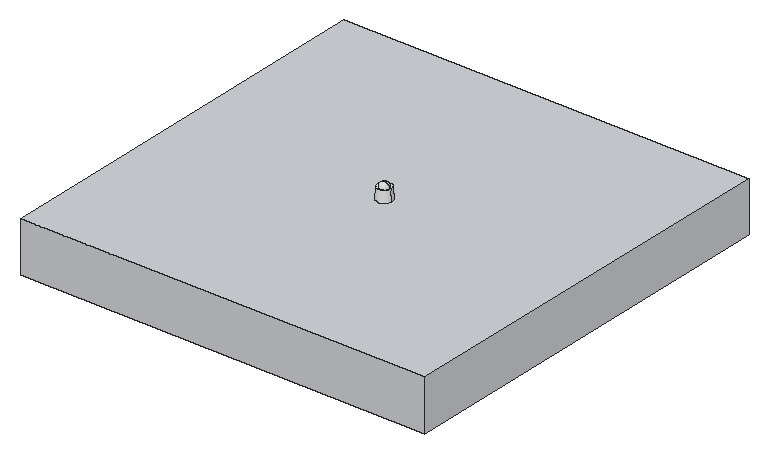
Revit family "Legrand_Lighting_Management_Standalone_Motion_Sensor_360D_Waterproof_White_Wall", category Dispositifs d'éclairage, Revit 2020
Family settings
  Hôte = Face
  Conserver l'orientation des annotations = Oui
  Cote de connecteur circulaire = Utiliser le diamètre
  Type d'élément = Normal
  Couper avec des vides une fois chargée = Non
  Partagée = Non
  Point de calcul de pièce = Non
Parameters
  Voltage type = "AC"
  URL = "http://www.legrandoc.com/069780/"
  Temperature (MIN) (°C) = 0
  Temperature (MAX) (°C) = 55
  Suitable for wireless transmission = "no"
  Substation input = "no"
  Response value sensitivity adjustable = "yes"
  Response value luminosity adjustable = "yes"
  Response value luminosity (MIN) (lx) = 10
  Response value luminosity (MAX) (lx) = 4000
  Remote operation = "no"
  RAL-number (akin) = "9016"
  Product ID = "069780"
  Nominal voltage (V) = "230"
  Mounting method = "Surface mounted (plaster)"
  Model = "Movement sensor"
  Min. switch-on time (s) = "12"
  Maximum mounting height (m) = "4"
  Max. switching power (W) = 1000
  Max. starting current (A) = "8.5"
  Max. duty cycle (mn) = "16"
  Label [instance] = no
  Indication distance [instance] = 12 mm
  Image du type = PH3.jpg
  HVAC-control = "no"
  General Conditions of Use = "https://export.legrand.com/en/terms-of-use-BIM-objects"
  Frequency (MIN) (Hz) = 50
  Frequency (MAX) (Hz) = 60
  Forced switch off = "no"
  Fabricant = "LEGRAND"
  Elévation par défaut = 2500 mm
  ETIM-5.0 Class = "EC000133"
  Dim function with dimmer basic element = "no"
  Detection zone [instance] = no
  Detection angle horizontal (MIN) (°) = 0
  Detection angle horizontal (MAX) (°) = 360
  Description = "PIR WATERPROOF MOTION SENSOR 360 DEGREES WHITE PLEXO"
  Degree of protection (IP) = "IP55"
  Constant light control = "yes"
  Colour = "White"
  Code d'assemblage = "D5010200"
  Alarm function = "no"
Reference planes
  plane 1 "Centre (avant/arrière)": y = 0
  plane 2: z = 0
  plane 3 "Centre (gauche/droite)": x = 0
Forms (mm)
  Extrusion 1, solid
    sketch origin (0, 0, 0) x (1, 0, 0) y (0, 1, 0)
      loop
        line (-1219.2, 1219.2) -> (-1219.2, -1219.2) -> (1219.2, -1219.2) -> (1219.2, 1219.2) -> (-1219.2, 1219.2)
    from 0 to -304.8
Dimensions and locks
  aligned and locked: plane 2 to Extrusion 1
  aligned and locked: level to Extrusion 1
  aligned and locked: nested 1 to plane 2
  aligned and locked: plane 3 "Centre (gauche/droite)" to nested 1
  aligned and locked: plane 1 "Centre (avant/arrière)" to nested 1
Nested families
  nested 1: "048898" at (0, 0, 0), type "048898"
  nested 2: "Symbole D" at (0, 0, 0), type "Symbole D"
  nested 3: "Zone de detection 12mx8m- plan" at (0, 0, 0) x (0, 0, 1) z (0, -1, 0), visible <- "Detection zone", type "Zone de detection 12mx8m- plan"
  nested 4: "Détection 90° EN" at (0, 182.642, 0), visible <- "Label", Indication distance <- "Indication distance", type "Détection 90° EN"
    with Indication distance 12 mm
Connectors
  electrical at (0, 0, 0)
    settings: on nested 1, index 1, voltage 230 V, apparent load 0 VA, apparent load phase1 0 VA, apparent load phase2 0 VA, apparent load phase3 0 VA, power factor 1, load classification "Autre", number of poles 1, system type 31, power factor state 1, is connector primary yes, connector utility no, sub classification motor no, connector description ""
Definition of nested family "048898"
  Parameters (values of type "048898")
    Default Elevation = 0 mm
  Reference planes
    plane 1 "Centre (avant/arrière)": y = 0
    plane 2: z = 0
    plane 3 "Centre (gauche/droite)": x = 0
  Forms (mm)
    Revolve 1, solid
      sketch origin (0, 0, 0) x (-1, 0, 0) y (0, 0, -1)
        loop
          line (0, 0) -> (0, -65.2) -> (41, -65.2)
          arc (41, -65.2) -> (43.378, -32.633) -> (44.526, 0) r 865.317
          line (44.526, 0) -> (0, 0)
        axis (0, 0) -> (0, -65.2)
      angle from 0 to 360
    Revolve 2, solid
      sketch origin (0, 0, 0) x (-1, 0, 0) y (0, 0, -1)
        loop
          arc (0, -91.691) -> (18.988, -83.722) -> (27.988, -65.2) r 29.184
          line (27.988, -65.2) -> (0, -65.2) -> (0, -91.691)
        axis (0, -65.2) -> (0, -91.691)
      angle from 0 to 360
  Dimensions and locks
    aligned and locked: level to plane 2
Definition of nested family "Symbole D"
  Reference planes
    plane 1: y = 0
    plane 2: x = 0
  Lines and regions (mm)
    detail lines
      curve 1: spline (0.481, 2.356, 0) -> (0.429, 2.16, 0) -> (0.363, 1.989, 0) -> (0.285, 1.851, 0) -> (0.199, 1.748, 0) -> (0.106, 1.685, 0) -> (0.01, 1.664, 0) -> (-0.085, 1.685, 0) -> (-0.178, 1.748, 0) -> (-0.264, 1.851, 0) -> (-0.342, 1.989, 0) -> (-0.408, 2.16, 0) -> (-0.46, 2.356, 0)
      curve 2: arc (0.821, 3.072, 0) -> (-0.004, 3.293, 0) -> (-0.828, 3.072, 0) r 1.643
      curve 3: arc (-0.64, 2.774, 0) -> (0.004, 2.96, 0) -> (0.648, 2.774, 0) r 1.213
      curve 4: arc (-1.023, 3.436, 0) -> (0.005, 3.717, 0) -> (1.032, 3.436, 0) r 2.018
      curve 5: line (-1.042, 0.262, 0) -> (1.042, 0.262, 0)
      curve 6: arc (-0.945, 0.262, 0) -> (0, 1.008, 0) -> (0.945, 0.262, 0) r 0.972
      curve 7: line (-1.042, 0.262, 0) -> (-1.042, 0, 0)
      curve 8: line (-1.042, 0, 0) -> (1.042, 0, 0)
      curve 9: line (1.042, 0, 0) -> (1.042, 0.262, 0)
  Text (mm)
    text "IR" at (0.939, 0.64, 0)
  Dimensions and locks
    aligned and locked: plane 2 to curve 6
    aligned and locked: plane 1 to curve 8
Definition of nested family "Zone de detection 12mx8m- plan"
  Reference planes
    plane 1 "Centre (avant/arrière)": y = 0
    plane 2: z = 0
    plane 3 "Centre (gauche/droite)": x = 0
  Lines and regions (mm)
    detail lines, in view "Niveau de réf."
      curve 1: line (0, 0, 0) -> (3692.308, 3692.308, 0)
      curve 2: arc (3692.308, 3692.308, 0) -> (5262.653, 3968.914, 0) -> (6857.143, 3958.973, 0) r 8841.544
      curve 3: arc (6857.143, 3958.973, 0) -> (8193.689, 3717.836, 0) -> (9472.961, 3261.802, 0) r 8293.685
      curve 4: arc (9472.961, 3261.802, 0) -> (10318.46, 2780.139, 0) -> (11059.772, 2149.802, 0) r 5215.555
      curve 5: arc (11059.772, 2149.802, 0) -> (11506.891, 1586.263, 0) -> (11830.58, 943.831, 0) r 3532.62
      curve 6: arc (11830.58, 943.831, 0) -> (11960.228, 479.87, 0) -> (12002.568, 0, 0) r 2614.992
      curve 7: arc (4424.882, 0, 0) -> (4411.234, 320.417, 0) -> (4380.15, 639.614, 0) r 5884.415
      curve 8: arc (4380.15, 639.614, 0) -> (4340.781, 895.474, 0) -> (4286.98, 1148.693, 0) r 4567.682
      curve 9: arc (4286.98, 1148.693, 0) -> (4162.3, 1556.249, 0) -> (3990.363, 1946.23, 0) r 3602.685
      curve 10: arc (3990.363, 1946.23, 0) -> (3913.565, 2080.99, 0) -> (3825.336, 2208.559, 0) r 1781.449
      curve 11: line (2527.2, 2527.2, 0) -> (3825.336, 2208.559, 0)
      curve 12: line (0, 0, 0) -> (3692.308, -3692.308, 0)
      curve 13: arc (3692.308, -3692.308, 0) -> (5262.653, -3968.914, 0) -> (6857.143, -3958.973, 0) r 8841.544
      curve 14: arc (6857.143, -3958.973, 0) -> (8193.689, -3717.836, 0) -> (9472.961, -3261.802, 0) r 8293.685
      curve 15: arc (9472.961, -3261.802, 0) -> (10318.46, -2780.139, 0) -> (11059.772, -2149.802, 0) r 5215.555
      curve 16: arc (11059.772, -2149.802, 0) -> (11506.891, -1586.263, 0) -> (11830.58, -943.831, 0) r 3532.62
      curve 17: arc (11830.58, -943.831, 0) -> (11960.228, -479.87, 0) -> (12002.568, 0, 0) r 2614.992
      curve 18: arc (4424.882, 0, 0) -> (4411.234, -320.417, 0) -> (4380.15, -639.614, 0) r 5884.415
      curve 19: arc (4380.15, -639.614, 0) -> (4340.781, -895.474, 0) -> (4286.98, -1148.693, 0) r 4567.682
      curve 20: arc (4286.98, -1148.693, 0) -> (4162.3, -1556.249, 0) -> (3990.363, -1946.23, 0) r 3602.685
      curve 21: arc (3990.363, -1946.23, 0) -> (3913.565, -2080.99, 0) -> (3825.336, -2208.559, 0) r 1781.449
      curve 22: line (2527.2, -2527.2, 0) -> (3825.336, -2208.559, 0)
Definition of nested family "Détection 90° EN"
  Parameters (values of type "Détection 90° EN")
    Indication distance [instance] = 0 mm
  Reference planes
    plane 1: y = 0
    plane 2: x = 0
  Text (mm)
    label "90°, Indication distancem front detection at 2.5m height" at (-0.885, 0.234, 0), shows "Indication distance"
